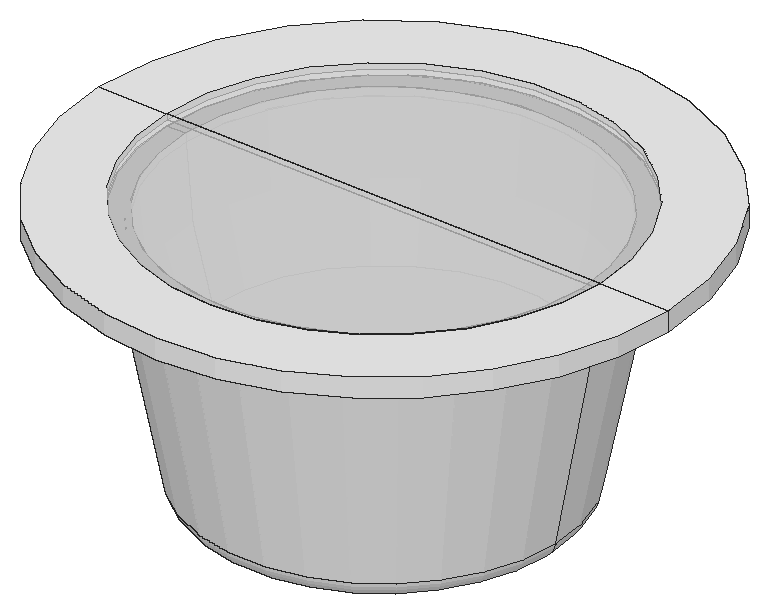
Revit family "2060555+2028036 Sylvania Lighting Fixture ASCENT 100 II ARCH 1900 4K STD 160 with IP44 Frost Glass", category Lighting Fixtures, host Face, Revit 2016
Family settings
  Host = Face
  Part Type = Normal
  Round Connector Dimension = Use Diameter
  OmniClass Number = 23.80.70.11.17
  OmniClass Title = Specialized Lighting by Location or Use
  Cut with Voids When Loaded = No
  Light Source = Yes
  Shared = No
  Room Calculation Point = No
Parameters (values of type "2060555+2028036 ASCT100 II ARCH 1900 4K STD 160 with IP44 Frost Glass")
  WidthBezelAcc_SYL = 25.0 mm
  Weight = "1.2 kg"
  Wattage = 17 W
  WarrantyStartDate [instance] = "n/a"
  WarrantyGuarantorParts = "n/a"
  WarrantyDurationUnit = "n/a"
  WarrantyDurationParts = "n/a"
  WarrantyDescription = "n/a"
  built-in parameter 1150110 = 1 (stored number, unit not read)
  Voltage = 0 V
  VisibilityAccessory_SYL = yes
  TypeName = "ASCENT 100 II ARCH 1900 4K STD 160 with IP44 Frost Glass"
  built-in parameter 1114217 = 1 (stored number, unit not read)
  Tilt Angle = -90°
  built-in parameter 1150109 = 1 (stored number, unit not read)
  built-in parameter 1150134 = 12
  built-in parameter 1150113 = 1 (stored number, unit not read)
  SerialNumber [instance] = "n/a"
  ReflectorRadius_SYL = Radius_SYL - 14.5 mm  # 80.0 mm
  RadiusAcc_SYL = 105.0 mm
  Radius_SYL = 94.5 mm
  URL = "http://www.sylvania-lighting.com"
  PowerFactor = 0
  PowerConsumption = "17 W"
  Photometric Web File = "2060555.ies"
  NominalWidth = 0.0 mm
  NominalLength = 0.0 mm
  NominalHeight = 94.0 mm
  Name = "ASCENT 100 II ARCH 1900 4K STD 160 with IP44 Frost Glass"
  ModelReference = "ASCENT 100 II ARCH 1900 4K STD 160 with IP44 Frost Glass"
  ModelNumber = "2060555+2028036"
  Material_4_SYL = none
  Material_3_SYL = Polycarbonate_Sylvania_Ascent_Opal
  Material_2_SYL = Aluminium_Sylvania_Ascent_Silver
  Material_1_SYL = Aluminum_Sylvania_Ascent_White
  Material = "aluminium housing, arcylic diffuser"
  ManufacturerName = "Feilo Sylvania"
  LuminousEfficacy = "113 lm/W"
  built-in parameter 1150105 = 152.87 (stored number, unit not read)
  Lumens = 1921 lm
  LuminaireType = ""
  built-in parameter 1150115 = 1 (stored number, unit not read)
  LightOutputRatio = "100"
  built-in parameter 1150137 = (empty or 0)
  built-in parameter 1150139 = (empty or 0)
  LampsType = Lamp  # "LED"
  LampNominalLuminous = "1921 lm"
  LampMacAdamStep = "3"
  LampColourTemperature = "4000 K"
  LampColourRenderingIndex = "80"
  built-in parameter 1150112 = 1 (stored number, unit not read)
  built-in parameter 1150114 = 1 (stored number, unit not read)
  Keynote = "16500"
  InstallationDate [instance] = "n/a"
  InputVoltage = "n/a"
  InputNominalFrequency = "n/a"
  built-in parameter 1150132 = (empty or 0)
  built-in parameter 1150102 = (empty or 0)
  built-in parameter 1150107 = 4000 (stored number, unit not read)
  built-in parameter 1150138 = (empty or 0)
  IngressProtection = "IP44"
  ImpactProtectionIndex = "IK02"
  built-in parameter 1150106 = 1.5287 (stored number, unit not read)
  IfcExportType = "IfcLightFixtureType"
  IfcExportAs = "IfcLightFixtureType"
  Height_SYL = 94.0 mm
  HeightAcc_SYL = 7.0 mm
  ExpectedLife = 50000
  EmittionSurface_SYL = if(VisibilityAccessory_SYL, 7.0 mm, 3.0 mm)  # 7.0 mm
  Emit from Circle Diameter = DiffuserRadius_SYL * 2  # 146.0 mm
  Emit Shape Visible in Rendering = no
  ElectricShockClassification = "Class II"
  built-in parameter 1150104 = 10.498 (stored number, unit not read)
  DurationUnit = "hours"
  DocumentationLiterature = "http://www.sylvania-lighting.com/product/en-int/products/2060555"
  DimmingControlOptions = "n/a"
  Dimming Lamp Color Temperature Shift = <None>
  DiffuserRadius_SYL = ReflectorRadius_SYL - 7.0 mm  # 73.0 mm
  Diameter_SYL = 2 * Radius_SYL  # 189.0 mm
  CutoutDiameter_SYL = Diameter_SYL - 13.0 mm  # 176.0 mm
  CreatedOn = "9/17/2018"
  CreatedBy = "@sylvania-lighting.com"
  Color Filter = 16777215
  built-in parameter 1114216 [instance] = 1 (stored number, unit not read)
  Model = "ASCENT 100 II ARCH 1900 4K STD 160 with IP44 Frost Glass"
  Manufacturer = "Feilo Sylvania"
  Lamp = "LED"
  Description = "Direct LED retro fit for original LED 100 Arch (160) single CFL lamp offering Matching lumen levels and improved light distribution of original LED 100 CFL lamp equivalents Typically half the power consumption compared to CFL Up to 112lm/W 160mm aperture Architectural reflector accepts range of glass accessories from existing LED 100 Arch 160 offering HE, HO and VHO versions equivalent of single 1 x 18W, 1 x 32W, 1 x 42W\r\n Additional VVHO versions which offer the performance circa 2 x 32W equivalent"  # constant formula
  Default Elevation = 0.0 mm
  built-in parameter 1140040 [instance] = 1
  BarCode [instance] = "n/a"
  built-in parameter 1114218 = 1 (stored number, unit not read)
  built-in parameter 1150133 = 10 (stored number, unit not read)
  AssetType = "Fixed"
  AssetIdentifier [instance] = "n/a"
  Assembly Code = "D5020200"
  Apparent Load = 17 VA
  Aperture_SYL = 2 * ReflectorRadius_SYL  # 160.0 mm
Reference planes
  plane 1 "Center (Front/Back)": y = 0
  plane 2: z = 0
  plane 3 "Center (Left/Right)": x = 0
  plane 4 "Fixture Bottom": z = 3
  plane 5: z = -52.5
  plane 6 "Fixture Top": z = -91
  plane 7: x = -105
  plane 8: z = 7
  plane 9: x = -80
  plane 10: z = 5
  plane 11: x = -103
Forms (mm)
  Extrusion 1, solid, material "Aluminum_Sylvania_Ascent_White", detail levels fine
    sketch origin (0, 0, 0) x (1, 0, 0) y (0, 1, 0)
      loop
        circle (0, 0) r 94.5
      loop
        circle (0, 0) r 80
    from 0 to 3
  Extrusion 2, void
    sketch origin (0, 0, 0) x (1, 0, 0) y (0, 1, 0)
      loop
        circle (0, 0) r 88
    from -91 to 3
  Revolve 3, solid, material "Aluminum_Sylvania_Ascent_White" <- "Material_1_SYL", detail levels fine
    sketch origin (0, 0, 0) x (1, 0, 0) y (0, 0, 1)
      loop
        line (0, -91.073) -> (0, -89.023) -> (-55.468, -89.014)
        arc (-55.468, -89.014) -> (-59.352, -87.613) -> (-61.54, -84.139) r 6.307
        line (-61.54, -84.139) -> (-77.991, -2.844) -> (-77.991, 0) -> (-80, 0) -> (-80, -3) -> (-63.5, -84.536)
        arc (-63.5, -84.536) -> (-60.643, -89.203) -> (-55.5, -91.073) r 8.291
        line (-55.5, -91.073) -> (0, -91.073)
      axis (0, 0) -> (0, -91.073)
    angle from 0 to 360
  Revolve 4, solid, material "Aluminium_Sylvania_Ascent_Silver" <- "Material_2_SYL", detail levels fine
    sketch origin (0, 0, 0) x (1, 0, 0) y (0, 0, 1)
      loop
        line (-80, 3) -> (-80, 0) -> (-75, 0)
        arc (-75, 0) -> (-72.349, -26.77) -> (-64.5, -52.5) r 136.5
        line (-64.5, -52.5) -> (-58, -52.5)
        arc (-58, -52.5) -> (-56.857, -61.521) -> (-53.5, -69.971) r 36.166
        line (-53.5, -69.971) -> (0, -69.971) -> (0, -50.5) -> (-63.16, -50.5)
        arc (-63.16, -50.5) -> (-70.517, -25.725) -> (-73, 0) r 134.5
        line (-73, 0) -> (-73, 3) -> (-80, 3)
      axis (0, 3) -> (0, -69.971)
    angle from 0 to 360
  Extrusion 5, solid, material "Polycarbonate_Sylvania_Ascent_Opal" <- "Material_3_SYL", detail levels fine
    sketch origin (0, 0, 0) x (1, 0, 0) y (0, 1, 0)
      loop
        circle (0, 0) r 73
    from 0 to 3
  Revolve 6, solid, material "Aluminum_Sylvania_Ascent_White" <- "Material_1_SYL", detail levels coarse+medium
    sketch origin (0, 0, 0) x (1, 0, 0) y (0, 0, 1)
      loop
        line (0, -91.073) -> (0, 3) -> (-94.5, 3) -> (-94.5, 0) -> (-79.5, 0) -> (-79.5, -3) -> (-63, -84.536)
        arc (-63, -84.536) -> (-60.143, -89.203) -> (-55, -91.073) r 8.291
        line (-55, -91.073) -> (0, -91.073)
      axis (0, 3) -> (0, -91.073)
    angle from 0 to 360
  Revolve 7, solid, material "Aluminum_Sylvania_Ascent_White" <- "Material_1_SYL", visible <- "VisibilityAccessory_SYL"
    sketch origin (0, 0, 0) x (1, 0, 0) y (0, 0, 1)
      loop
        line (-105, 0) -> (-103, 0) -> (-103, 5) -> (-80, 5) -> (-80, 7) -> (-105, 7) -> (-105, 0)
      axis (0, 7) -> (0, 0)
    angle from 0 to 360
  Revolve 8, solid, material "Polycarbonate_Sylvania_Ascent_Opal" <- "Material_3_SYL", visible <- "VisibilityAccessory_SYL"
    sketch origin (0, 0, 0) x (1, 0, 0) y (0, 0, 1)
      loop
        line (-80, 7) -> (-80, 5) -> (0, 5) -> (0, 7) -> (-80, 7)
      axis (0, 7) -> (0, 5)
    angle from 0 to 360
Lines and regions (mm)
  reference lines
    curve 1: line (-150, 0, 7) -> (125, 0, 7)
Dimensions and locks
  locked: plane 4 "Fixture Bottom" to plane 2 at 3
  "Height_SYL": plane 4 "Fixture Bottom" to plane 6 "Fixture Top"
  "ReflectorRadius_SYL": plane 3 "Center (Left/Right)" to Revolve 4 sketch curve
  locked: Revolve 4 sketch curve to Revolve 4 sketch curve at 15.5
  locked: Revolve 4 sketch curve to Revolve 4 sketch curve at 5
  locked: Revolve 4 sketch curve to Revolve 4 sketch curve at 7
  locked: Revolve 4 sketch curve to Revolve 4 sketch curve at 22
  locked: Revolve 4 sketch curve to Revolve 4 sketch curve at 26.5
  locked: Revolve 3 sketch curve to Revolve 3 sketch curve at 16.5
  locked: Revolve 3 sketch curve to Revolve 3 sketch curve at 24.5
  "ReflectorRadius_SYL": Revolve 3 sketch curve to plane 3 "Center (Left/Right)"
  locked: Revolve 3 sketch curve to plane 6 "Fixture Top" at 6.464
  locked: plane 2 to Revolve 3 sketch curve at 3
  locked: Revolve 3 sketch curve to Revolve 3 sketch curve at 2
  locked: Revolve 3 sketch curve to Revolve 3 sketch curve at 2.009
  locked: plane 2 to plane 5 at 52.5
  locked: Revolve 6 sketch curve to Revolve 6 sketch curve at 31.5
  locked: Revolve 6 sketch curve to Revolve 6 sketch curve at 39.5
  locked: Revolve 6 sketch curve to Revolve 6 sketch curve at 15
  "Radius_SYL": plane 3 "Center (Left/Right)" to Revolve 6 sketch curve
  "RadiusAcc_SYL": plane 3 "Center (Left/Right)" to plane 7
  "HeightAcc_SYL": plane 8 to level
  "WidthBezelAcc_SYL": plane 7 to plane 9
  locked: plane 7 to plane 11 at 2
  locked: plane 8 to plane 10 at 2
  "EmittionSurface_SYL": curve 1 to level
  "CutoutDiameter_SYL": diameter of Extrusion 2 sketch curve
  "ReflectorRadius_SYL": radius of Extrusion 1 sketch curve
  "DiffuserRadius_SYL": radius of Extrusion 5 sketch curve
  "Radius_SYL": radius of Extrusion 1 sketch curve
  aligned and locked: host face to plane 2
  aligned and locked: host face to level
  aligned and locked: plane 4 "Fixture Bottom" to Extrusion 1
  aligned and locked: Extrusion 1 to plane 2
  aligned and locked: Revolve 3 sketch curve to plane 3 "Center (Left/Right)"
  aligned and locked: Revolve 4 sketch curve to plane 3 "Center (Left/Right)"  (x2)
  aligned and locked: plane 4 "Fixture Bottom" to Revolve 4 sketch curve
  aligned and locked: Extrusion 5 to plane 2
  aligned and locked: plane 2 to Revolve 3 sketch curve  (x2)
  aligned and locked: Revolve 6 sketch curve to plane 3 "Center (Left/Right)"
  aligned and locked: plane 6 "Fixture Top" to Extrusion 2
  aligned and locked: Revolve 7 sketch curve to plane 3 "Center (Left/Right)"
  aligned and locked: host face to Revolve 7 sketch curve  (x2)
  aligned and locked: Revolve 7 sketch curve to plane 7
  aligned and locked: plane 8 to Revolve 7 sketch curve
  aligned and locked: plane 9 to Revolve 7 sketch curve
  aligned and locked: Revolve 7 sketch curve to plane 10
  aligned and locked: plane 11 to Revolve 7 sketch curve
  aligned and locked: Revolve 7 to Revolve 8 sketch curve
  aligned and locked: Revolve 8 sketch curve to Revolve 7  (x2)
  aligned and locked: Revolve 8 sketch curve to plane 3 "Center (Left/Right)"  (x2)
  aligned and locked: plane 3 "Center (Left/Right)" to imposter light
  aligned and locked: imposter light to plane 1 "Center (Front/Back)"
  aligned and locked: imposter light to curve 1
Automatic sketch dimensions
  plane 1 "Center (Front/Back)" to Extrusion 2 sketch curve = 0.0 mm
  Extrusion 2 sketch curve to plane 3 "Center (Left/Right)" = 0.0 mm
  Extrusion 1 sketch curve to Extrusion 1 sketch curve = 0.0 mm  (x2)
  plane 1 "Center (Front/Back)" to Extrusion 1 sketch curve = 0.0 mm
  Extrusion 1 sketch curve to plane 3 "Center (Left/Right)" = 0.0 mm
  plane 6 "Fixture Top" to Revolve 3 sketch curve = 0.073 mm
  Revolve 3 sketch curve to plane 6 "Fixture Top" = 6.861 mm
  Revolve 3 sketch curve to Revolve 3 sketch curve = 0.003 mm
  Revolve 3 sketch curve to Revolve 3 sketch curve = 0.009 mm  (x2)
  Revolve 3 sketch curve to Revolve 3 sketch curve = 0.023 mm
  Revolve 3 sketch curve to Revolve 3 sketch curve = 0.072 mm
  Revolve 3 sketch curve to Revolve 3 sketch curve = 0.008 mm
  Revolve 3 sketch curve to plane 6 "Fixture Top" = 1.977 mm
  Revolve 3 sketch curve to Revolve 3 sketch curve = 33.496 mm
  Revolve 3 sketch curve to Revolve 3 sketch curve = 0.028 mm
  plane 4 "Fixture Bottom" to Revolve 3 sketch curve = 82.431 mm
  Revolve 4 sketch curve to Revolve 4 sketch curve = 0.0 mm  (x2)
  Revolve 4 sketch curve to plane 5 = 0.0 mm
  Revolve 4 sketch curve to level = 0.0 mm
  plane 5 to Revolve 4 sketch curve = 2.0 mm
  plane 4 "Fixture Bottom" to Revolve 4 sketch curve = 9.642 mm
  plane 1 "Center (Front/Back)" to Extrusion 5 sketch curve = 0.0 mm
  Extrusion 5 sketch curve to plane 3 "Center (Left/Right)" = 0.0 mm
  Revolve 4 sketch curve to level = 69.971 mm
  Revolve 4 sketch curve to Revolve 4 sketch curve = 2.387 mm
  Revolve 6 sketch curve to level = 0.0 mm
  Revolve 6 sketch curve to plane 3 "Center (Left/Right)" = 0.0 mm
  Revolve 6 sketch curve to Revolve 6 sketch curve = 8.104 mm
  Revolve 6 sketch curve to level = 3.0 mm
  Revolve 6 sketch curve to plane 6 "Fixture Top" = 6.464 mm
  plane 6 "Fixture Top" to Revolve 6 sketch curve = 0.073 mm
  Revolve 6 sketch curve to Revolve 6 sketch curve = 33.496 mm
  plane 4 "Fixture Bottom" to Revolve 6 sketch curve = 82.431 mm
  host sketch curve to host sketch curve = 1704.996 mm
  host sketch curve to host sketch curve = 1500.0 mm
  plane 6 "Fixture Top" to Revolve 7 sketch curve = 281.274 mm
  Revolve 7 sketch curve to plane 8 = 1140.706 mm
  plane 6 "Fixture Top" to Revolve 8 sketch curve = 281.274 mm
  Revolve 8 sketch curve to Revolve 8 sketch curve = 1140.706 mm
  Revolve 3 sketch curve to plane 3 "Center (Left/Right)" = 0.0 mm
  Revolve 6 sketch curve to plane 4 "Fixture Bottom" = 0.0 mm
  plane 7 to curve 1 = 45.0 mm
  plane 3 "Center (Left/Right)" to curve 1 = 125.0 mm
Connectors
  electrical at (0, 0, -91.073), driven by "Apparent Load"
    settings: on Revolve 3, index 1, voltage 240 V, apparent load 0 VA, apparent load phase1 17 VA, apparent load phase2 0 VA, apparent load phase3 0 VA, power factor 1, load classification "Lighting", number of poles 1, system type 31, power factor state 1, is connector primary yes, connector utility no, sub classification motor no, connector description ""
